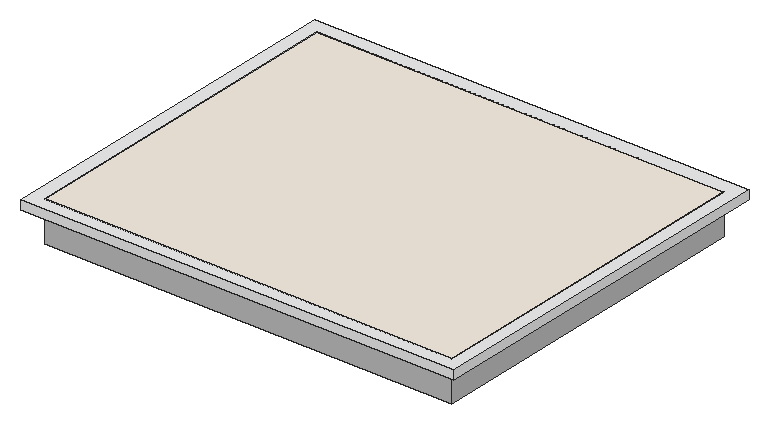
Revit family "Lighting-Industrial-GEWISS-ELIA-HL-LED_HIGHBAY", category Apparecchi per illuminazione, host Superficie, Revit 2019 (continued)
Types (12, lengths in mm): name | Weight (kg): | Weight (kg) | Voltage | Technical sheet | System power | Optic | built-in parameter 1150142 | Lumen output (lm) | Model | IDT | File diagramma fotometrico | Description
    752.23 6528.04 6308.03 6094.97 5890.28 \r\n5689.76 5490.63 5294.28 5106.30 4919.70 4737.28 4560.44 \r\n4386.38 4217.88 4059.14 3908.75 3766.71 3630.25 3497.96 \r\n3369.85 3247.31 3130.34 3016.16 2904.76 2799.20 2696.16 \r\n2596.59 2499.68 2404.57 2311.69 2220.76 2132.47 2046.98 \r\n1964.96 1886.98 1812.34 1740.63 1671.42 1603.46 1538.99 \r\n1479.95 1424.67 1372.03 1321.20 1270.52 1221.50 1175.27 \r\n1131.13 1088.66 1047.44 1006.64 966.95 928.10 891.76 \r\n858.89 829.37 805.14 781.19 751.11 720.20 692.21 664.92 \r\n637.07 610.19 587.22 565.49 543.08 521.21 500.46 480.27 \r\n459.25 438.78 418.86 401.60 390.04 379.87 366.37 352.16 \r\n339.49 325.01 304.68 282.96 264.21 245.68 226.07 205.73 \r\n184.49 162.56 139.60 117.04 96.24 77.13 60.07 45.09 32.29 \r\n21.87 14.20 8.89 5.63 4.53 \r\n20514.31 20511.53 20504.56 20492.03 20475.32 20453.04 \r\n20427.98 20401.52 20368.10 20329.11 20288.73 20239.99 \r\n20188.47 20131.37 20072.89 20010.23 19944.78 19876.55 \r\n19806.92 19733.12 19657.92 19578.55 19496.39 19408.67 \r\n19316.76 19222.07 19123.20 19021.55 18914.33 18800.14 \r\n18681.78 18563.42 18438.09 18309.98 18177.70 18041.23 \r\n17903.37 17764.12 17620.70 17475.88 17329.66 17177.88 \r\n17021.92 16859.00 16689.11 16509.48 16322.89 16126.54 \r\n15920.45 15707.40 15487.39 15263.19 15033.43 14793.92 \r\n14544.66 14281.48 14002.98 13706.38 13397.24 13075.58 \r\n12745.55 12409.96 12067.41 11716.50 11368.37 11038.35 \r\n10719.47 10415.90 10123.48 9835.23 9551.16 9265.69 \r\n8983.02 8705.91 8435.76 8175.37 7924.72 7678.24 7438.74 \r\n7204.80 6975.03 6748.06 6525.26 6308.03 6096.37 5890.28 \r\n5689.76 5489.23 5291.50 5100.73 4912.74 4728.93 4550.69 \r\n4372.45 4202.57 4043.82 3892.04 3750.00 3614.93 3482.64 \r\n3355.93 3233.39 3116.42 3002.23 2892.22 2787.23 2684.88 \r\n2585.32 2488.40 2393.01 2299.99 2209.90 2122.87 2038.34 \r\n1957.02 1879.46 1804.96 1733.52 1664.46 1596.64 1532.17 \r\n1473.54 1418.68 1366.32 1315.77 1265.23 1216.35 1170.26 \r\n1126.25 1083.64 1042.43 1001.76 962.36 923.37 887.02 \r\n855.00 826.31 802.36 778.27 748.05 717.14 690.26 663.94 \r\n635.26 607.69 584.71 563.27 540.85 519.12 498.51 478.32 \r\n457.30 436.69 416.78 399.37 388.79 379.04 364.97 349.94 \r\n337.54 323.62 303.15 281.56 262.85 244.52 225.26 205.27 \r\n184.17 162.27 139.25 116.64 95.93 76.92 59.88 44.91 32.11 \r\n21.72 14.12 8.86 5.63 4.52 \r\n20514.31 20511.53 20503.17 20492.03 20475.32 20453.04 \r\n20427.98 20401.52 20368.10 20330.50 20287.33 20239.99 \r\n20188.47 20131.37 20072.89 20010.23 19944.78 19877.94 \r\n19806.92 19733.12 19659.31 19579.94 19499.18 19411.45 \r\n19319.55 19226.25 19127.38 19025.73 18918.51 18804.32 \r\n18685.96 18564.81 18440.88 18312.77 18179.09 18044.01 \r\n17906.16 17766.91 17623.48 17480.05 17332.45 17180.67 \r\n17023.31 16861.78 16691.90 16515.05 16328.45 16130.72 \r\n15926.02 15711.58 15491.56 15267.37 15036.22 14796.70 \r\n14546.06 14282.87 14002.98 13706.38 13397.24 13078.36 \r\n12746.94 12409.96 12068.80 11716.50 11368.37 11036.96 \r\n10718.07 10413.11 10117.91 9828.26 9544.19 9257.34 \r\n8974.66 8696.16 8424.63 8165.62 7914.97 7669.89 7431.77 \r\n7199.23 6972.25 6745.27 6523.86 6308.03 6097.76 5891.67 \r\n5688.36 5486.45 5290.11 5095.16 4905.78 4720.57 4540.94 \r\n4361.31 4187.25 4027.11 3876.72 3734.68 3599.61 3467.33 \r\n3342.00 3220.85 3102.49 2989.70 2881.08 2775.67 2673.88 \r\n2574.31 2477.12 2381.31 2288.30 2199.18 2113.12 2029.71 \r\n1949.22 1871.94 1797.58 1726.42 1657.63 1589.96 1525.48 \r\n1467.28 1412.69 1360.75 1310.48 1260.07 1211.34 1165.52 \r\n1121.52 1078.91 1037.27 997.17 957.90 918.77 882.29 \r\n851.24 823.52 799.57 775.34 744.85 714.21 688.31 662.97 \r\n633.73 605.46 582.34 561.04 538.76 517.17 496.70 476.51 \r\n455.35 434.60 414.55 397.42 387.53 378.48 363.72 347.99 \r\n336.01 322.36 302.03 280.17 261.62 243.51 224.61 204.92 \r\n183.96 162.11 139.03 116.36 95.72 76.80 59.74 44.74 31.94 \r\n21.58 14.04 8.84 5.62 4.51 \r\n20514.31 20511.53 20503.17 20492.03 20475.32 20453.04 \r\n20430.76 20401.52 20368.10 20330.50 20288.73 20241.38 \r\n20188.47 20132.76 20074.28 20010.23 19944.78 19877.94 \r\n19806.92 19734.51 19659.31 19581.34 19499.18 19414.24 \r\n19322.33 19229.03 19130.17 19028.51 18922.68 18807.10 \r\n18690.14 18567.60 18443.66 18314.16 18180.48 18045.41 \r\n17908.94 17768.30 17626.26 17482.84 17335.23 17183.45 \r\n17026.10 16864.57 16694.68 16517.84 16332.63 16136.29 \r\n15930.20 15715.75 15495.74 15270.15 15039.00 14798.10 \r\n14547.45 14281.48 14001.59 13707.77 13398.64 13078.36 \r\n12748.34 12412.75 12070.19 11717.89 11368.37 11035.56 \r\n10715.29 10408.94 10110.94 9822.69 9537.23 9250.38 \r\n8966.31 8687.81 8414.88 8155.87 7905.22 7662.93 7426.20 \r\n7193.66 6966.68 6742.49 6522.47 6309.42 6097.76 5891.67 \r\n5686.97 5487.84 5287.32 5092.37 4898.82 4715.01 4532.59 \r\n4350.17 4174.72 4011.79 3861.40 3719.37 3584.30 3453.40 \r\n3329.47 3206.93 3089.96 2977.17 2869.94 2764.53 2663.30 \r\n2563.87 2466.40 2370.31 2277.16 2188.87 2103.93 2021.63 \r\n1941.98 1864.84 1790.62 1719.74 1651.37 1583.55 1519.36 \r\n1461.43 1407.40 1355.46 1305.33 1255.20 1206.46 1160.93 \r\n1117.20 1074.31 1032.82 992.57 953.72 914.45 878.11 \r\n847.75 820.74 796.79 772.42 742.06 711.29 686.50 661.99 \r\n632.20 603.09 580.12 558.95 536.95 515.23 495.03 474.70 \r\n453.54 432.93 412.74 395.61 386.56 377.92 362.61 346.18 \r\n334.34 321.25 300.78 279.06 260.59 242.67 224.08 204.68 \r\n183.87 162.06 138.92 116.18 95.60 76.75 59.65 44.59 31.80 \r\n21.46 13.96 8.82 5.62 4.51 \r\n20514.31 20511.53 20503.17 20492.03 20475.32 20454.43 \r\n20430.76 20401.52 20368.10 20331.89 20288.73 20241.38 \r\n20189.86 20132.76 20074.28 20010.23 19946.17 19877.94 \r\n19806.92 19734.51 19659.31 19582.73 19501.96 19415.63 \r\n19325.12 19231.82 19134.34 19032.69 18924.08 18809.89 \r\n18691.53 18570.38 18445.06 18315.55 18183.26 18048.19 \r\n17910.34 17769.69 17627.66 17485.62 17338.02 17186.24 \r\n17028.88 16867.35 16697.47 16520.62 16335.42 16140.47 \r\n15934.38 15718.54 15498.53 15272.94 15041.79 14799.49 \r\n14547.45 14280.09 14000.19 13706.38 13398.64 13078.36 \r\n12746.94 12412.75 12070.19 11717.89 11368.37 11034.17 \r\n10713.90 10406.15 10106.76 9818.52 9531.66 9243.41 \r\n8959.34 8679.45 8407.91 8148.91 7898.26 7655.97 7422.03 \r\n7189.48 6963.89 6741.09 6522.47 6309.42 6099.15 5893.06 \r\n5688.36 5486.45 5285.93 5088.19 4894.64 4708.04 4524.23 \r\n4340.42 4162.18 3999.26 3847.48 3705.44 3571.76 3442.26 \r\n3316.93 3195.79 3077.43 2966.03 2858.80 2754.50 2653.83 \r\n2554.12 2456.51 2360.15 2266.99 2179.40 2095.57 2014.11 \r\n1935.16 1858.43 1784.49 1713.89 1645.52 1577.98 1513.65 \r\n1456.14 1402.39 1350.86 1300.87 1250.74 1202.15 1156.75 \r\n1113.16 1070.28 1028.64 988.54 949.82 910.70 874.35 \r\n844.69 818.37 794.56 769.91 739.42 708.78 684.83 661.02 \r\n630.94 601.14 578.03 557.14 535.14 513.55 493.50 473.31 \r\n452.01 431.12 411.07 394.22 385.58 377.65 361.63 344.50 \r\n332.95 320.14 299.94 278.08 259.76 242.00 223.68 204.56 \r\n183.87 162.10 138.90 116.09 95.57 76.74 59.60 44.46 31.68 \r\n21.35 13.90 8.80 5.62 4.50 \r\n20514.31 20511.53 20504.56 20492.03 20475.32 20454.43 \r\n20430.76 20402.91 20369.49 20331.89 20288.73 20241.38 \r\n20189.86 20132.76 20074.28 20010.23 19946.17 19876.55 \r\n19806.92 19734.51 19660.71 19582.73 19503.35 19417.02 \r\n19327.90 19233.21 19135.74 19034.08 18928.25 18814.07 \r\n18694.31 18571.77 18446.45 18316.95 18183.26 18049.59 \r\n17911.73 17772.48 17629.05 17485.62 17339.41 17186.24 \r\n17030.28 16867.35 16698.86 16523.40 16338.20 16141.86 \r\n15937.16 15721.33 15498.53 15274.33 15041.79 14799.49 \r\n14547.45 14278.70 13997.41 13703.59 13397.24 13078.36 \r\n12748.34 12412.75 12070.19 11717.89 11368.37 11034.17 \r\n10711.11 10403.37 10102.59 9812.95 9527.49 9239.24 \r\n8953.77 8672.49 8400.95 8141.95 7894.08 7651.79 7417.85 \r\n7186.69 6962.50 6739.70 6522.47 6310.81 6100.54 5893.06 \r\n5688.36 5485.06 5287.32 5086.80 4890.46 4702.47 4518.66 \r\n4332.07 4152.44 3988.12 3834.94 3695.69 3562.02 3431.12 \r\n3307.19 3184.65 3067.68 2956.28 2849.06 2745.87 2645.47 \r\n2545.77 2447.88 2351.24 2258.22 2171.33 2088.33 2007.57 \r\n1929.45 1852.86 1779.06 1708.74 1640.78 1573.25 1509.05 \r\n1451.68 1398.21 1346.83 1296.84 1246.98 1198.52 1153.27 \r\n1109.82 1066.79 1025.02 985.19 946.62 907.49 871.29 \r\n842.18 816.42 792.47 767.82 737.05 706.55 683.44 660.46 \r\n629.83 599.47 576.36 555.61 533.75 512.44 491.97 472.06 \r\n450.75 429.73 409.67 392.82 384.89 377.37 360.94 343.39 \r\n331.83 319.44 299.11 277.36 259.13 241.54 223.44 204.53 \r\n183.95 162.24 138.97 116.09 95.58 76.80 59.59 44.39 31.57 \r\n21.25 13.84 8.79 5.62 4.50 \r\n20514.31 20511.53 20505.95 20492.03 20475.32 20455.83 \r\n20430.76 20402.91 20369.49 20330.50 20288.73 20241.38 \r\n20188.47 20132.76 20074.28 20010.23 19946.17 19876.55 \r\n19806.92 19734.51 19659.31 19584.12 19503.35 19417.02 \r\n19327.90 19236.00 19138.52 19035.48 18929.65 18815.46 \r\n18695.70 18573.17 18447.84 18316.95 18183.26 18049.59 \r\n17913.12 17771.09 17629.05 17487.01 17342.20 17189.02 \r\n17030.28 16868.75 16698.86 16523.40 16339.60 16144.65 \r\n15938.56 15721.33 15501.31 15275.73 15041.79 14799.49 \r\n14546.06 14278.70 13994.63 13702.20 13398.64 13075.58 \r\n12746.94 12412.75 12070.19 11716.50 11368.37 11034.17 \r\n10711.11 10401.98 10101.19 9811.56 9524.70 9235.06 \r\n8950.99 8669.70 8396.77 8137.77 7889.91 7647.61 7413.67 \r\n7185.30 6959.72 6739.70 6522.47 6310.81 6101.94 5895.85 \r\n5689.76 5486.45 5285.93 5085.41 4887.68 4698.30 4514.48 \r\n4325.11 4144.08 3979.77 3826.59 3687.34 3553.66 3422.77 \r\n3300.23 3177.68 3060.72 2949.32 2840.70 2739.05 2639.07 \r\n2539.36 2441.05 2344.13 2251.12 2164.78 2082.62 2002.69 \r\n1924.99 1848.68 1774.88 1704.70 1637.02 1569.35 1505.29 \r\n1448.20 1395.01 1343.76 1293.91 1244.06 1195.60 1150.48 \r\n1107.32 1064.15 1022.10 982.55 944.12 905.13 868.92 \r\n840.23 814.89 790.94 766.15 735.24 704.88 682.33 659.77 \r\n628.85 598.22 575.10 554.49 532.77 511.33 491.00 470.94 \r\n449.50 428.61 408.56 391.85 384.33 377.37 360.38 342.28 \r\n331.14 318.88 298.55 276.88 258.75 241.26 223.33 204.59 \r\n184.09 162.42 139.11 116.16 95.66 76.89 59.60 44.34 31.50 \r\n21.19 13.80 8.78 5.62 4.50 \r\n" | "27850" | "GWF1000QH840" | "80cbaa94-ca80-4e8b-bda9-d8ddb803a86a" | "GWF1000QH840.IES" | "ELIA HL L2 60° 4000K S.ALONE ON/OFF"
